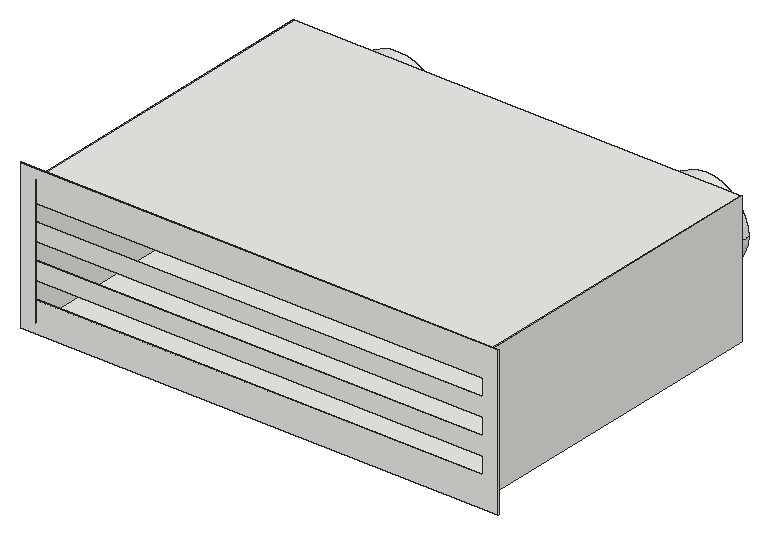
Revit family "Abmessungen emcoair KS", category Air Terminals, Revit 2017
Family settings
  Round Connector Dimension = Use Diameter
  Part Type = Normal
  Work Plane-Based = No
  Always vertical = Yes
  Cut with Voids When Loaded = No
  Shared = No
  Room Calculation Point = No
Parameters (values of type "550_3")
  Product material = RAL 9016
  Index = 1
  7_Durchmesser Zuluftstutzen / Abluftstutzen = 98 mm  # constant formula
  11_aktive Schlitzlänge Abluf = 600 mm
  1_Tiefe = 370 mm  # constant formula
  6_Länge Zuluftstutzen / Abluftstutzen = 50 mm  # constant formula
  2_Höhe, Frontblende = 170 mm  # constant formula
  4_Höhe Anschlusskasten, gesamt = 150 mm  # constant formula
  3_Breite der Frontblende, gesamt = if(Index = 1, 550 mm, if(Index = 2, 750 mm, if(Index = 3, 950 mm, 1150 mm)))  # 550 mm
  5_Breite Anschlusskasten = if(Index = 1, 517 mm, if(Index = 2, 717 mm, if(Index = 3, 917 mm, 1117 mm)))  # 517 mm
  8_Abstand Mitte Zuluftstutzen / Mitte Abluftstutzen = if(Index = 1, 354 mm, if(Index = 2, 554 mm, if(Index = 3, 754 mm, 954 mm)))  # 354 mm
Types (5, lengths in mm): name | Index | 3_Breite der Frontblende, gesamt | 5_Breite Anschlusskasten | 8_Abstand Mitte Zuluftstutzen / Mitte Abluftstutzen
  (no name) | 1 | 550 | 517 | 354
  550_3 | 1 | 550 | 517 | 354
  750_3 | 2 | 750 | 717 | 554
  950_3 | 3 | 950 | 917 | 754
  1150_3 | 0 | 1150 | 1117 | 954
Reference planes
  plane 1 "Center (Front/Back)": y = 0
  plane 2: z = 0
  plane 3 "Center (Left/Right)": x = 0
  plane 4: x = -258.5
  plane 5: x = 258.5
  plane 6: x = 341.5
  plane 7: y = 370
  plane 8: z = 150
  plane 9: y = 420
  plane 10: z = 75
  plane 11: z = 160
  plane 12: z = -10
  plane 13: x = -275
  plane 14: x = 275
  plane 15: x = 177
  plane 16: x = -177
Forms (mm)
  Extrusion 1, solid, material "RAL 9016" <- "Product material"
    sketch origin (-258.5, 629.324, 1200) x (0, 1, 0) y (0, 0, 1)
      loop
        line (-259.324, -1050) -> (-629.324, -1050) -> (-629.324, -1200) -> (-259.324, -1200) -> (-259.324, -1050)
    from 0 to 1
  Extrusion 2, solid, material "RAL 9016" <- "Product material"
    sketch origin (258.5, 629.324, 1200) x (0, 1, 0) y (0, 0, 1)
      loop
        line (-259.324, -1050) -> (-629.324, -1050) -> (-629.324, -1200) -> (-259.324, -1200) -> (-259.324, -1050)
    from 0 to -1
  Extrusion 3, solid, material "RAL 9016" <- "Product material"
    sketch origin (0, 0, 0) x (1, 0, 0) y (0, 0, 1)
      loop
        line (-275, 160) -> (-275, -10) -> (275, -10) -> (275, 160) -> (-275, 160)
      loop
        line (-257.5, 85) -> (-257.5, 65) -> (257.5, 65) -> (257.5, 85) -> (-257.5, 85)
      loop
        line (-257.5, 125) -> (-257.5, 105) -> (257.5, 105) -> (257.5, 125) -> (-257.5, 125)
      loop
        line (-257.5, 45) -> (-257.5, 25) -> (257.5, 25) -> (257.5, 45) -> (-257.5, 45)
    from 0 to 1
  Extrusion 4, solid, material "RAL 9016" <- "Product material"
    sketch origin (-258.5, 370, 150) x (0, -1, 0) y (1, 0, 0)
      loop
        line (0, 1) -> (370, 1) -> (370, 516) -> (0, 516) -> (0, 1)
    from 0 to -1
  Extrusion 5, solid, material "RAL 9016" <- "Product material"
    sketch origin (0, 0, 0) x (1, 0, 0) y (0, 1, 0)
      loop
        line (-257.5, 370) -> (-257.5, 0) -> (257.5, 0) -> (257.5, 370) -> (-257.5, 370)
    from 0 to 1
  Extrusion 6, solid
    sketch origin (258.5, 370, 0) x (0, 0, 1) y (1, 0, 0)
      loop
        line (149, -1) -> (1, -1) -> (1, -516) -> (149, -516) -> (149, -1)
    from 0 to -1
  Sweep 7, solid, material "RAL 9016" <- "Product material"
    path origin (0, 1397.423, 75) x (0, 1, 0) y (-1, 0, 0)
      loop
        line (-977.423, 177) -> (-1027.423, 177)
    profile origin (-177, 395, 75) x (1, 0, 0) y (0, 0, 1)
      loop
        circle (0, 0) r 49
  Sweep 8, solid, material "RAL 9016" <- "Product material"
    path origin (354, 1397.423, 75) x (0, 1, 0) y (-1, 0, 0)
      loop
        line (-977.423, 177) -> (-1027.423, 177)
    profile origin (177, 395, 75) x (1, 0, 0) y (0, 0, 1)
      loop
        circle (0, 0) r 49
Dimensions and locks
  equal spacing: plane 4, plane 3 "Center (Left/Right)", plane 5
  "5_Breite Anschlusskasten": plane 4 to plane 5
  "11_aktive Schlitzlänge Abluf": plane 4 to plane 6
  "1_Tiefe": plane 7 to plane 1 "Center (Front/Back)"
  "4_Höhe Anschlusskasten, gesamt": plane 8 to level
  "6_Länge Zuluftstutzen / Abluftstutzen": plane 9 to plane 7
  equal spacing: plane 8, plane 10, level
  equal spacing: plane 11, plane 10, plane 12
  "2_Höhe, Frontblende": plane 11 to plane 12
  equal spacing: plane 14, plane 3 "Center (Left/Right)", plane 13
  "3_Breite der Frontblende, gesamt": plane 14 to plane 13
  equal spacing: plane 16, plane 3 "Center (Left/Right)", plane 15
  "8_Abstand Mitte Zuluftstutzen / Mitte Abluftstutzen": plane 16 to plane 15
  "7_Durchmesser Zuluftstutzen / Abluftstutzen": diameter of Sweep 7 sketch curve
  "7_Durchmesser Zuluftstutzen / Abluftstutzen": diameter of Sweep 8 sketch curve
  aligned and locked: level to plane 2
  aligned and locked: Extrusion 1 sketch curve to plane 8
  aligned and locked: Extrusion 1 sketch curve to plane 7
  aligned and locked: Extrusion 1 sketch curve to level
  aligned and locked: plane 1 "Center (Front/Back)" to Extrusion 1 sketch curve
  aligned and locked: Extrusion 3 sketch curve to plane 11
  aligned and locked: plane 13 to Extrusion 3 sketch curve
  aligned and locked: plane 12 to Extrusion 3 sketch curve
  aligned and locked: Extrusion 3 sketch curve to plane 14
  aligned and locked: plane 7 to Extrusion 4 sketch curve
  aligned and locked: Extrusion 4 sketch curve to Extrusion 1
  aligned and locked: Extrusion 2 to Extrusion 4 sketch curve
  aligned and locked: Extrusion 4 sketch curve to Extrusion 2
  aligned and locked: Extrusion 5 sketch curve to Extrusion 4  (x2)
  aligned and locked: Extrusion 5 sketch curve to Extrusion 1
  aligned and locked: Extrusion 5 sketch curve to Extrusion 2
  aligned and locked: Extrusion 6 sketch curve to Extrusion 4  (x2)
  aligned and locked: Extrusion 6 sketch curve to Extrusion 5  (x2)
  aligned and locked: Extrusion 1 to Extrusion 3 sketch curve
  aligned and locked: Extrusion 2 to Extrusion 3 sketch curve
Automatic sketch dimensions
  Extrusion 2 sketch curve to plane 1 "Center (Front/Back)" = 0 mm
  Extrusion 2 sketch curve to level = 0 mm
  Extrusion 2 sketch curve to plane 7 = 0 mm
  plane 8 to Extrusion 2 sketch curve = 0 mm
  plane 7 to Sweep 7 sketch curve = 0 mm
  plane 9 to Sweep 7 sketch curve = 0 mm
  Sweep 7 sketch curve to plane 16 = 0 mm
  plane 7 to Sweep 8 sketch curve = 0 mm
  plane 9 to Sweep 8 sketch curve = 0 mm
  Sweep 8 sketch curve to plane 15 = 0 mm
  plane 4 to Extrusion 3 sketch curve = 1 mm  (x2)
  Extrusion 3 sketch curve to plane 5 = 1 mm  (x2)
  level to Extrusion 3 sketch curve = 25 mm
  Extrusion 3 sketch curve to Extrusion 3 sketch curve = 20 mm  (x3)
  Extrusion 3 sketch curve to plane 10 = 10 mm
  plane 10 to Extrusion 3 sketch curve = 10 mm
  Sweep 7 sketch curve to plane 10 = 0 mm
  profile plane to Sweep 7 sketch curve = 0 mm
  Sweep 8 sketch curve to plane 10 = 0 mm
  profile plane to Sweep 8 sketch curve = 0 mm
Connectors
  hvac at (177, 420, 75), driven by "7_Durchmesser Zuluftstutzen / Abluftstutzen"
    settings: on Sweep 8, index 1, duct flow 0.0 L/s, flow factor 0, pres drop 0.0 Pa, loss coef 0, conn angle 0.00°, conn width 304.8 mm, conn height 304.8 mm, conn diameter 98 mm, duct sys type 1, conn prof type 0, flow config 0, flow direction 1, loss method 0, conn ref index -1, conn util no, is conn primary yes, conn desc ""
  hvac at (-177, 420, 75), driven by "7_Durchmesser Zuluftstutzen / Abluftstutzen"
    settings: on Sweep 7, index 2, duct flow 0.0 L/s, flow factor 0, pres drop 0.0 Pa, loss coef 0, conn angle 0.00°, conn width 304.8 mm, conn height 304.8 mm, conn diameter 98 mm, duct sys type 1, conn prof type 0, flow config 0, flow direction 1, loss method 0, conn ref index -1, conn util no, is conn primary no, conn desc ""
